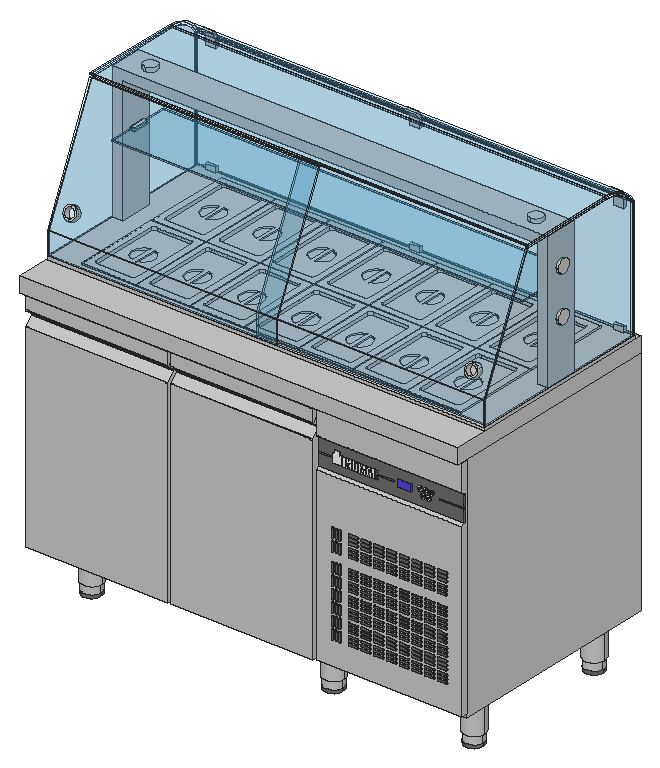
Revit family "QF_INOMAK_ZQFP99_250529104924", category Specialty Equipment, Revit 2021 (continued)
Definition of nested family "QF_INOMAK_REF_COUNTERS_1360_2920"
  Definition of nested family "QF_INOMAK_CONRTOL-PANEL"
    Forms (mm)
      Extrusion 1, solid
        sketch origin (-2240, -700, 0) x (-1, 0, 0) y (0, 0, 1)
          loop
            arc (-2167.4, 215.855) -> (-2164.4, 218.855) -> (-2167.4, 221.855) r 3
            line (-2167.4, 221.855) -> (-2191.4, 221.855)
          loop
            arc (-2152.4, 221.855) -> (-2155.4, 218.855) -> (-2152.4, 215.855) r 3
            line (-2152.4, 215.855) -> (-2128.4, 215.855)
            arc (-2128.4, 215.855) -> (-2125.4, 218.855) -> (-2128.4, 221.855) r 3
            line (-2128.4, 221.855) -> (-2152.4, 221.855)
          loop
            arc (-2113.4, 221.855) -> (-2116.4, 218.855) -> (-2113.4, 215.855) r 3
            line (-2113.4, 215.855) -> (-2089.4, 215.855)
            arc (-2089.4, 215.855) -> (-2086.4, 218.855) -> (-2089.4, 221.855) r 3
            line (-2089.4, 221.855) -> (-2113.4, 221.855)
          loop
            arc (-2074.4, 221.855) -> (-2077.4, 218.855) -> (-2074.4, 215.855) r 3
            line (-2074.4, 215.855) -> (-2050.4, 215.855)
            arc (-2050.4, 215.855) -> (-2047.4, 218.855) -> (-2050.4, 221.855) r 3
            line (-2050.4, 221.855) -> (-2074.4, 221.855)
          loop
            arc (-2035.4, 221.855) -> (-2038.4, 218.855) -> (-2035.4, 215.855) r 3
            line (-2035.4, 215.855) -> (-2011.4, 215.855)
            arc (-2011.4, 215.855) -> (-2008.4, 218.855) -> (-2011.4, 221.855) r 3
            line (-2011.4, 221.855) -> (-2035.4, 221.855)
          loop
            arc (-1996.4, 221.855) -> (-1999.4, 218.855) -> (-1996.4, 215.855) r 3
            line (-1996.4, 215.855) -> (-1972.4, 215.855)
            arc (-1972.4, 215.855) -> (-1969.4, 218.855) -> (-1972.4, 221.855) r 3
            line (-1972.4, 221.855) -> (-1996.4, 221.855)
          loop
            arc (-1957.4, 221.855) -> (-1960.4, 218.855) -> (-1957.4, 215.855) r 3
            line (-1957.4, 215.855) -> (-1933.4, 215.855)
            arc (-1933.4, 215.855) -> (-1930.4, 218.855) -> (-1933.4, 221.855) r 3
            line (-1933.4, 221.855) -> (-1957.4, 221.855)
          loop
            arc (-1918.4, 221.855) -> (-1921.4, 218.855) -> (-1918.4, 215.855) r 3
            line (-1918.4, 215.855) -> (-1894.4, 215.855)
            arc (-1894.4, 215.855) -> (-1891.4, 218.855) -> (-1894.4, 221.855) r 3
            line (-1894.4, 221.855) -> (-1918.4, 221.855)
          loop
            arc (-2191.4, 210.855) -> (-2194.4, 207.855) -> (-2191.4, 204.855) r 3
            line (-2191.4, 204.855) -> (-2167.4, 204.855)
            arc (-2167.4, 204.855) -> (-2164.4, 207.855) -> (-2167.4, 210.855) r 3
            line (-2167.4, 210.855) -> (-2191.4, 210.855)
          loop
            arc (-2152.4, 210.855) -> (-2155.4, 207.855) -> (-2152.4, 204.855) r 3
            line (-2152.4, 204.855) -> (-2128.4, 204.855)
            arc (-2128.4, 204.855) -> (-2125.4, 207.855) -> (-2128.4, 210.855) r 3
            line (-2128.4, 210.855) -> (-2152.4, 210.855)
          loop
            arc (-2113.4, 210.855) -> (-2116.4, 207.855) -> (-2113.4, 204.855) r 3
            line (-2113.4, 204.855) -> (-2089.4, 204.855)
            arc (-2089.4, 204.855) -> (-2086.4, 207.855) -> (-2089.4, 210.855) r 3
            line (-2089.4, 210.855) -> (-2113.4, 210.855)
          loop
            arc (-2074.4, 210.855) -> (-2077.4, 207.855) -> (-2074.4, 204.855) r 3
            line (-2074.4, 204.855) -> (-2050.4, 204.855)
            arc (-2050.4, 204.855) -> (-2047.4, 207.855) -> (-2050.4, 210.855) r 3
            line (-2050.4, 210.855) -> (-2074.4, 210.855)
          loop
            arc (-2035.4, 210.855) -> (-2038.4, 207.855) -> (-2035.4, 204.855) r 3
            line (-2035.4, 204.855) -> (-2011.4, 204.855)
            arc (-2011.4, 204.855) -> (-2008.4, 207.855) -> (-2011.4, 210.855) r 3
            line (-2011.4, 210.855) -> (-2035.4, 210.855)
          loop
            arc (-1996.4, 210.855) -> (-1999.4, 207.855) -> (-1996.4, 204.855) r 3
            line (-1996.4, 204.855) -> (-1972.4, 204.855)
            arc (-1972.4, 204.855) -> (-1969.4, 207.855) -> (-1972.4, 210.855) r 3
            line (-1972.4, 210.855) -> (-1996.4, 210.855)
          loop
            arc (-1957.4, 210.855) -> (-1960.4, 207.855) -> (-1957.4, 204.855) r 3
            line (-1957.4, 204.855) -> (-1933.4, 204.855)
            arc (-1933.4, 204.855) -> (-1930.4, 207.855) -> (-1933.4, 210.855) r 3
            line (-1933.4, 210.855) -> (-1957.4, 210.855)
          loop
            arc (-1918.4, 210.855) -> (-1921.4, 207.855) -> (-1918.4, 204.855) r 3
            line (-1918.4, 204.855) -> (-1894.4, 204.855)
            arc (-1894.4, 204.855) -> (-1891.4, 207.855) -> (-1894.4, 210.855) r 3
            line (-1894.4, 210.855) -> (-1918.4, 210.855)
          loop
            arc (-2191.4, 199.855) -> (-2194.4, 196.855) -> (-2191.4, 193.855) r 3
            line (-2191.4, 193.855) -> (-2167.4, 193.855)
            arc (-2167.4, 193.855) -> (-2164.4, 196.855) -> (-2167.4, 199.855) r 3
            line (-2167.4, 199.855) -> (-2191.4, 199.855)
          loop
            arc (-2152.4, 199.855) -> (-2155.4, 196.855) -> (-2152.4, 193.855) r 3
            line (-2152.4, 193.855) -> (-2128.4, 193.855)
            arc (-2128.4, 193.855) -> (-2125.4, 196.855) -> (-2128.4, 199.855) r 3
            line (-2128.4, 199.855) -> (-2152.4, 199.855)
          loop
            arc (-2113.4, 199.855) -> (-2116.4, 196.855) -> (-2113.4, 193.855) r 3
            line (-2113.4, 193.855) -> (-2089.4, 193.855)
            arc (-2089.4, 193.855) -> (-2086.4, 196.855) -> (-2089.4, 199.855) r 3
            line (-2089.4, 199.855) -> (-2113.4, 199.855)
          loop
            arc (-2074.4, 199.855) -> (-2077.4, 196.855) -> (-2074.4, 193.855) r 3
            line (-2074.4, 193.855) -> (-2050.4, 193.855)
            arc (-2050.4, 193.855) -> (-2047.4, 196.855) -> (-2050.4, 199.855) r 3
            line (-2050.4, 199.855) -> (-2074.4, 199.855)
          loop
            arc (-2035.4, 199.855) -> (-2038.4, 196.855) -> (-2035.4, 193.855) r 3
            line (-2035.4, 193.855) -> (-2011.4, 193.855)
            arc (-2011.4, 193.855) -> (-2008.4, 196.855) -> (-2011.4, 199.855) r 3
            line (-2011.4, 199.855) -> (-2035.4, 199.855)
          loop
            arc (-1996.4, 199.855) -> (-1999.4, 196.855) -> (-1996.4, 193.855) r 3
            line (-1996.4, 193.855) -> (-1972.4, 193.855)
            arc (-1972.4, 193.855) -> (-1969.4, 196.855) -> (-1972.4, 199.855) r 3
            line (-1972.4, 199.855) -> (-1996.4, 199.855)
          loop
            arc (-1957.4, 199.855) -> (-1960.4, 196.855) -> (-1957.4, 193.855) r 3
            line (-1957.4, 193.855) -> (-1933.4, 193.855)
            arc (-1933.4, 193.855) -> (-1930.4, 196.855) -> (-1933.4, 199.855) r 3
            line (-1933.4, 199.855) -> (-1957.4, 199.855)
          loop
            arc (-1918.4, 199.855) -> (-1921.4, 196.855) -> (-1918.4, 193.855) r 3
            line (-1918.4, 193.855) -> (-1894.4, 193.855)
            arc (-1894.4, 193.855) -> (-1891.4, 196.855) -> (-1894.4, 199.855) r 3
            line (-1894.4, 199.855) -> (-1918.4, 199.855)
          loop
            arc (-2191.4, 184.855) -> (-2194.4, 181.855) -> (-2191.4, 178.855) r 3
            line (-2191.4, 178.855) -> (-2167.4, 178.855)
            arc (-2167.4, 178.855) -> (-2164.4, 181.855) -> (-2167.4, 184.855) r 3
            line (-2167.4, 184.855) -> (-2191.4, 184.855)
          loop
            arc (-2152.4, 184.855) -> (-2155.4, 181.855) -> (-2152.4, 178.855) r 3
            line (-2152.4, 178.855) -> (-2128.4, 178.855)
            arc (-2128.4, 178.855) -> (-2125.4, 181.855) -> (-2128.4, 184.855) r 3
            line (-2128.4, 184.855) -> (-2152.4, 184.855)
          loop
            arc (-2113.4, 184.855) -> (-2116.4, 181.855) -> (-2113.4, 178.855) r 3
            line (-2113.4, 178.855) -> (-2089.4, 178.855)
            arc (-2089.4, 178.855) -> (-2086.4, 181.855) -> (-2089.4, 184.855) r 3
            line (-2089.4, 184.855) -> (-2113.4, 184.855)
          loop
            arc (-2074.4, 184.855) -> (-2077.4, 181.855) -> (-2074.4, 178.855) r 3
            line (-2074.4, 178.855) -> (-2050.4, 178.855)
            arc (-2050.4, 178.855) -> (-2047.4, 181.855) -> (-2050.4, 184.855) r 3
            line (-2050.4, 184.855) -> (-2074.4, 184.855)
          loop
            arc (-2035.4, 184.855) -> (-2038.4, 181.855) -> (-2035.4, 178.855) r 3
            line (-2035.4, 178.855) -> (-2011.4, 178.855)
            arc (-2011.4, 178.855) -> (-2008.4, 181.855) -> (-2011.4, 184.855) r 3
            line (-2011.4, 184.855) -> (-2035.4, 184.855)
          loop
            arc (-1996.4, 184.855) -> (-1999.4, 181.855) -> (-1996.4, 178.855) r 3
            line (-1996.4, 178.855) -> (-1972.4, 178.855)
            arc (-1972.4, 178.855) -> (-1969.4, 181.855) -> (-1972.4, 184.855) r 3
            line (-1972.4, 184.855) -> (-1996.4, 184.855)
          loop
            arc (-1957.4, 184.855) -> (-1960.4, 181.855) -> (-1957.4, 178.855) r 3
            line (-1957.4, 178.855) -> (-1933.4, 178.855)
            arc (-1933.4, 178.855) -> (-1930.4, 181.855) -> (-1933.4, 184.855) r 3
            line (-1933.4, 184.855) -> (-1957.4, 184.855)
          loop
            arc (-1918.4, 184.855) -> (-1921.4, 181.855) -> (-1918.4, 178.855) r 3
            line (-1918.4, 178.855) -> (-1894.4, 178.855)
            arc (-1894.4, 178.855) -> (-1891.4, 181.855) -> (-1894.4, 184.855) r 3
            line (-1894.4, 184.855) -> (-1918.4, 184.855)
          loop
            arc (-2191.4, 173.855) -> (-2194.4, 170.855) -> (-2191.4, 167.855) r 3
            line (-2191.4, 167.855) -> (-2167.4, 167.855)
            arc (-2167.4, 167.855) -> (-2164.4, 170.855) -> (-2167.4, 173.855) r 3
            line (-2167.4, 173.855) -> (-2191.4, 173.855)
          loop
            arc (-2152.4, 173.855) -> (-2155.4, 170.855) -> (-2152.4, 167.855) r 3
            line (-2152.4, 167.855) -> (-2128.4, 167.855)
            arc (-2128.4, 167.855) -> (-2125.4, 170.855) -> (-2128.4, 173.855) r 3
            line (-2128.4, 173.855) -> (-2152.4, 173.855)
          loop
            arc (-2113.4, 173.855) -> (-2116.4, 170.855) -> (-2113.4, 167.855) r 3
            line (-2113.4, 167.855) -> (-2089.4, 167.855)
            arc (-2089.4, 167.855) -> (-2086.4, 170.855) -> (-2089.4, 173.855) r 3
            line (-2089.4, 173.855) -> (-2113.4, 173.855)
          loop
            arc (-2074.4, 173.855) -> (-2077.4, 170.855) -> (-2074.4, 167.855) r 3
            line (-2074.4, 167.855) -> (-2050.4, 167.855)
            arc (-2050.4, 167.855) -> (-2047.4, 170.855) -> (-2050.4, 173.855) r 3
            line (-2050.4, 173.855) -> (-2074.4, 173.855)
          loop
            arc (-2035.4, 173.855) -> (-2038.4, 170.855) -> (-2035.4, 167.855) r 3
            line (-2035.4, 167.855) -> (-2011.4, 167.855)
            arc (-2011.4, 167.855) -> (-2008.4, 170.855) -> (-2011.4, 173.855) r 3
            line (-2011.4, 173.855) -> (-2035.4, 173.855)
          loop
            arc (-1996.4, 173.855) -> (-1999.4, 170.855) -> (-1996.4, 167.855) r 3
            line (-1996.4, 167.855) -> (-1972.4, 167.855)
            arc (-1972.4, 167.855) -> (-1969.4, 170.855) -> (-1972.4, 173.855) r 3
            line (-1972.4, 173.855) -> (-1996.4, 173.855)
          loop
            arc (-1957.4, 173.855) -> (-1960.4, 170.855) -> (-1957.4, 167.855) r 3
            line (-1957.4, 167.855) -> (-1933.4, 167.855)
            arc (-1933.4, 167.855) -> (-1930.4, 170.855) -> (-1933.4, 173.855) r 3
            line (-1933.4, 173.855) -> (-1957.4, 173.855)
          loop
            arc (-1918.4, 173.855) -> (-1921.4, 170.855) -> (-1918.4, 167.855) r 3
            line (-1918.4, 167.855) -> (-1894.4, 167.855)
            arc (-1894.4, 167.855) -> (-1891.4, 170.855) -> (-1894.4, 173.855) r 3
            line (-1894.4, 173.855) -> (-1918.4, 173.855)
          loop
            arc (-2191.4, 162.855) -> (-2194.4, 159.855) -> (-2191.4, 156.855) r 3
            line (-2191.4, 156.855) -> (-2167.4, 156.855)
            arc (-2167.4, 156.855) -> (-2164.4, 159.855) -> (-2167.4, 162.855) r 3
            line (-2167.4, 162.855) -> (-2191.4, 162.855)
          loop
            arc (-2152.4, 162.855) -> (-2155.4, 159.855) -> (-2152.4, 156.855) r 3
            line (-2152.4, 156.855) -> (-2128.4, 156.855)
            arc (-2128.4, 156.855) -> (-2125.4, 159.855) -> (-2128.4, 162.855) r 3
            line (-2128.4, 162.855) -> (-2152.4, 162.855)
          loop
            arc (-2113.4, 162.855) -> (-2116.4, 159.855) -> (-2113.4, 156.855) r 3
            line (-2113.4, 156.855) -> (-2089.4, 156.855)
            arc (-2089.4, 156.855) -> (-2086.4, 159.855) -> (-2089.4, 162.855) r 3
            line (-2089.4, 162.855) -> (-2113.4, 162.855)
          loop
            arc (-2074.4, 162.855) -> (-2077.4, 159.855) -> (-2074.4, 156.855) r 3
            line (-2074.4, 156.855) -> (-2050.4, 156.855)
            arc (-2050.4, 156.855) -> (-2047.4, 159.855) -> (-2050.4, 162.855) r 3
            line (-2050.4, 162.855) -> (-2074.4, 162.855)
          loop
            arc (-2035.4, 162.855) -> (-2038.4, 159.855) -> (-2035.4, 156.855) r 3
            line (-2035.4, 156.855) -> (-2011.4, 156.855)
            arc (-2011.4, 156.855) -> (-2008.4, 159.855) -> (-2011.4, 162.855) r 3
            line (-2011.4, 162.855) -> (-2035.4, 162.855)
          loop
            arc (-1996.4, 162.855) -> (-1999.4, 159.855) -> (-1996.4, 156.855) r 3
            line (-1996.4, 156.855) -> (-1972.4, 156.855)
            arc (-1972.4, 156.855) -> (-1969.4, 159.855) -> (-1972.4, 162.855) r 3
            line (-1972.4, 162.855) -> (-1996.4, 162.855)
          loop
            arc (-1957.4, 162.855) -> (-1960.4, 159.855) -> (-1957.4, 156.855) r 3
            line (-1957.4, 156.855) -> (-1933.4, 156.855)
            arc (-1933.4, 156.855) -> (-1930.4, 159.855) -> (-1933.4, 162.855) r 3
            line (-1933.4, 162.855) -> (-1957.4, 162.855)
          loop
            arc (-1918.4, 162.855) -> (-1921.4, 159.855) -> (-1918.4, 156.855) r 3
            line (-1918.4, 156.855) -> (-1894.4, 156.855)
            arc (-1894.4, 156.855) -> (-1891.4, 159.855) -> (-1894.4, 162.855) r 3
            line (-1894.4, 162.855) -> (-1918.4, 162.855)
          loop
            arc (-2191.4, 147.855) -> (-2194.4, 144.855) -> (-2191.4, 141.855) r 3
            line (-2191.4, 141.855) -> (-2167.4, 141.855)
            arc (-2167.4, 141.855) -> (-2164.4, 144.855) -> (-2167.4, 147.855) r 3
            line (-2167.4, 147.855) -> (-2191.4, 147.855)
          loop
            arc (-2152.4, 147.855) -> (-2155.4, 144.855) -> (-2152.4, 141.855) r 3
            line (-2152.4, 141.855) -> (-2128.4, 141.855)
            arc (-2128.4, 141.855) -> (-2125.4, 144.855) -> (-2128.4, 147.855) r 3
            line (-2128.4, 147.855) -> (-2152.4, 147.855)
          loop
            arc (-2113.4, 147.855) -> (-2116.4, 144.855) -> (-2113.4, 141.855) r 3
            line (-2113.4, 141.855) -> (-2089.4, 141.855)
            arc (-2089.4, 141.855) -> (-2086.4, 144.855) -> (-2089.4, 147.855) r 3
            line (-2089.4, 147.855) -> (-2113.4, 147.855)
          loop
            arc (-2074.4, 147.855) -> (-2077.4, 144.855) -> (-2074.4, 141.855) r 3
            line (-2074.4, 141.855) -> (-2050.4, 141.855)
            arc (-2050.4, 141.855) -> (-2047.4, 144.855) -> (-2050.4, 147.855) r 3
            line (-2050.4, 147.855) -> (-2074.4, 147.855)
          loop
            arc (-2035.4, 147.855) -> (-2038.4, 144.855) -> (-2035.4, 141.855) r 3
            line (-2035.4, 141.855) -> (-2011.4, 141.855)
            arc (-2011.4, 141.855) -> (-2008.4, 144.855) -> (-2011.4, 147.855) r 3
            line (-2011.4, 147.855) -> (-2035.4, 147.855)
          loop
            arc (-1996.4, 147.855) -> (-1999.4, 144.855) -> (-1996.4, 141.855) r 3
            line (-1996.4, 141.855) -> (-1972.4, 141.855)
            arc (-1972.4, 141.855) -> (-1969.4, 144.855) -> (-1972.4, 147.855) r 3
            line (-1972.4, 147.855) -> (-1996.4, 147.855)
          loop
            arc (-1957.4, 147.855) -> (-1960.4, 144.855) -> (-1957.4, 141.855) r 3
            line (-1957.4, 141.855) -> (-1933.4, 141.855)
            arc (-1933.4, 141.855) -> (-1930.4, 144.855) -> (-1933.4, 147.855) r 3
            line (-1933.4, 147.855) -> (-1957.4, 147.855)
          loop
            arc (-1918.4, 147.855) -> (-1921.4, 144.855) -> (-1918.4, 141.855) r 3
            line (-1918.4, 141.855) -> (-1894.4, 141.855)
            arc (-1894.4, 141.855) -> (-1891.4, 144.855) -> (-1894.4, 147.855) r 3
            line (-1894.4, 147.855) -> (-1918.4, 147.855)
          loop
            arc (-2191.4, 136.855) -> (-2194.4, 133.855) -> (-2191.4, 130.855) r 3
            line (-2191.4, 130.855) -> (-2167.4, 130.855)
            arc (-2167.4, 130.855) -> (-2164.4, 133.855) -> (-2167.4, 136.855) r 3
            line (-2167.4, 136.855) -> (-2191.4, 136.855)
          loop
            arc (-2152.4, 136.855) -> (-2155.4, 133.855) -> (-2152.4, 130.855) r 3
            line (-2152.4, 130.855) -> (-2128.4, 130.855)
            arc (-2128.4, 130.855) -> (-2125.4, 133.855) -> (-2128.4, 136.855) r 3
            line (-2128.4, 136.855) -> (-2152.4, 136.855)
          loop
            arc (-2113.4, 136.855) -> (-2116.4, 133.855) -> (-2113.4, 130.855) r 3
            line (-2113.4, 130.855) -> (-2089.4, 130.855)
            arc (-2089.4, 130.855) -> (-2086.4, 133.855) -> (-2089.4, 136.855) r 3
            line (-2089.4, 136.855) -> (-2113.4, 136.855)
          loop
            arc (-2074.4, 136.855) -> (-2077.4, 133.855) -> (-2074.4, 130.855) r 3
            line (-2074.4, 130.855) -> (-2050.4, 130.855)
            arc (-2050.4, 130.855) -> (-2047.4, 133.855) -> (-2050.4, 136.855) r 3
            line (-2050.4, 136.855) -> (-2074.4, 136.855)
          loop
            arc (-2035.4, 136.855) -> (-2038.4, 133.855) -> (-2035.4, 130.855) r 3
            line (-2035.4, 130.855) -> (-2011.4, 130.855)
            arc (-2011.4, 130.855) -> (-2008.4, 133.855) -> (-2011.4, 136.855) r 3
            line (-2011.4, 136.855) -> (-2035.4, 136.855)
          loop
            arc (-1996.4, 136.855) -> (-1999.4, 133.855) -> (-1996.4, 130.855) r 3
            line (-1996.4, 130.855) -> (-1972.4, 130.855)
            arc (-1972.4, 130.855) -> (-1969.4, 133.855) -> (-1972.4, 136.855) r 3
            line (-1972.4, 136.855) -> (-1996.4, 136.855)
          loop
            arc (-1957.4, 136.855) -> (-1960.4, 133.855) -> (-1957.4, 130.855) r 3
            line (-1957.4, 130.855) -> (-1933.4, 130.855)
            arc (-1933.4, 130.855) -> (-1930.4, 133.855) -> (-1933.4, 136.855) r 3
            line (-1933.4, 136.855) -> (-1957.4, 136.855)
          loop
            arc (-1918.4, 136.855) -> (-1921.4, 133.855) -> (-1918.4, 130.855) r 3
            line (-1918.4, 130.855) -> (-1894.4, 130.855)
            arc (-1894.4, 130.855) -> (-1891.4, 133.855) -> (-1894.4, 136.855) r 3
            line (-1894.4, 136.855) -> (-1918.4, 136.855)
          loop
            arc (-2191.4, 125.855) -> (-2194.4, 122.855) -> (-2191.4, 119.855) r 3
            line (-2191.4, 119.855) -> (-2167.4, 119.855)
            arc (-2167.4, 119.855) -> (-2164.4, 122.855) -> (-2167.4, 125.855) r 3
            line (-2167.4, 125.855) -> (-2191.4, 125.855)
          loop
            arc (-2152.4, 125.855) -> (-2155.4, 122.855) -> (-2152.4, 119.855) r 3
            line (-2152.4, 119.855) -> (-2128.4, 119.855)
            arc (-2128.4, 119.855) -> (-2125.4, 122.855) -> (-2128.4, 125.855) r 3
            line (-2128.4, 125.855) -> (-2152.4, 125.855)
          loop
            arc (-2113.4, 125.855) -> (-2116.4, 122.855) -> (-2113.4, 119.855) r 3
            line (-2113.4, 119.855) -> (-2089.4, 119.855)
            arc (-2089.4, 119.855) -> (-2086.4, 122.855) -> (-2089.4, 125.855) r 3
            line (-2089.4, 125.855) -> (-2113.4, 125.855)
          loop
            arc (-2074.4, 125.855) -> (-2077.4, 122.855) -> (-2074.4, 119.855) r 3
            line (-2074.4, 119.855) -> (-2050.4, 119.855)
            arc (-2050.4, 119.855) -> (-2047.4, 122.855) -> (-2050.4, 125.855) r 3
            line (-2050.4, 125.855) -> (-2074.4, 125.855)
          loop
            arc (-2035.4, 125.855) -> (-2038.4, 122.855) -> (-2035.4, 119.855) r 3
            line (-2035.4, 119.855) -> (-2011.4, 119.855)
            arc (-2011.4, 119.855) -> (-2008.4, 122.855) -> (-2011.4, 125.855) r 3
            line (-2011.4, 125.855) -> (-2035.4, 125.855)
          loop
            arc (-1996.4, 125.855) -> (-1999.4, 122.855) -> (-1996.4, 119.855) r 3
            line (-1996.4, 119.855) -> (-1972.4, 119.855)
            arc (-1972.4, 119.855) -> (-1969.4, 122.855) -> (-1972.4, 125.855) r 3
            line (-1972.4, 125.855) -> (-1996.4, 125.855)
          loop
            arc (-1957.4, 125.855) -> (-1960.4, 122.855) -> (-1957.4, 119.855) r 3
            line (-1957.4, 119.855) -> (-1933.4, 119.855)
            arc (-1933.4, 119.855) -> (-1930.4, 122.855) -> (-1933.4, 125.855) r 3
            line (-1933.4, 125.855) -> (-1957.4, 125.855)
          loop
            arc (-1918.4, 125.855) -> (-1921.4, 122.855) -> (-1918.4, 119.855) r 3
            line (-1918.4, 119.855) -> (-1894.4, 119.855)
            arc (-1894.4, 119.855) -> (-1891.4, 122.855) -> (-1894.4, 125.855) r 3
            line (-1894.4, 125.855) -> (-1918.4, 125.855)
          loop
            arc (-2191.4, 110.855) -> (-2194.4, 107.855) -> (-2191.4, 104.855) r 3
            line (-2191.4, 104.855) -> (-2167.4, 104.855)
            arc (-2167.4, 104.855) -> (-2164.4, 107.855) -> (-2167.4, 110.855) r 3
            line (-2167.4, 110.855) -> (-2191.4, 110.855)
          loop
            arc (-2152.4, 110.855) -> (-2155.4, 107.855) -> (-2152.4, 104.855) r 3
            line (-2152.4, 104.855) -> (-2128.4, 104.855)
            arc (-2128.4, 104.855) -> (-2125.4, 107.855) -> (-2128.4, 110.855) r 3
            line (-2128.4, 110.855) -> (-2152.4, 110.855)
          loop
            arc (-2113.4, 110.855) -> (-2116.4, 107.855) -> (-2113.4, 104.855) r 3
            line (-2113.4, 104.855) -> (-2089.4, 104.855)
            arc (-2089.4, 104.855) -> (-2086.4, 107.855) -> (-2089.4, 110.855) r 3
            line (-2089.4, 110.855) -> (-2113.4, 110.855)
          loop
            arc (-2074.4, 110.855) -> (-2077.4, 107.855) -> (-2074.4, 104.855) r 3
            line (-2074.4, 104.855) -> (-2050.4, 104.855)
            arc (-2050.4, 104.855) -> (-2047.4, 107.855) -> (-2050.4, 110.855) r 3
            line (-2050.4, 110.855) -> (-2074.4, 110.855)
          loop
            arc (-2035.4, 110.855) -> (-2038.4, 107.855) -> (-2035.4, 104.855) r 3
            line (-2035.4, 104.855) -> (-2011.4, 104.855)
            arc (-2011.4, 104.855) -> (-2008.4, 107.855) -> (-2011.4, 110.855) r 3
            line (-2011.4, 110.855) -> (-2035.4, 110.855)
          loop
            arc (-1996.4, 110.855) -> (-1999.4, 107.855) -> (-1996.4, 104.855) r 3
            line (-1996.4, 104.855) -> (-1972.4, 104.855)
            arc (-1972.4, 104.855) -> (-1969.4, 107.855) -> (-1972.4, 110.855) r 3
            line (-1972.4, 110.855) -> (-1996.4, 110.855)
          loop
            arc (-1957.4, 110.855) -> (-1960.4, 107.855) -> (-1957.4, 104.855) r 3
            line (-1957.4, 104.855) -> (-1933.4, 104.855)
            arc (-1933.4, 104.855) -> (-1930.4, 107.855) -> (-1933.4, 110.855) r 3
            line (-1933.4, 110.855) -> (-1957.4, 110.855)
          loop
            arc (-1918.4, 110.855) -> (-1921.4, 107.855) -> (-1918.4, 104.855) r 3
            line (-1918.4, 104.855) -> (-1894.4, 104.855)
            arc (-1894.4, 104.855) -> (-1891.4, 107.855) -> (-1894.4, 110.855) r 3
            line (-1894.4, 110.855) -> (-1918.4, 110.855)
          loop
            arc (-2191.4, 99.855) -> (-2194.4, 96.855) -> (-2191.4, 93.855) r 3
            line (-2191.4, 93.855) -> (-2167.4, 93.855)
            arc (-2167.4, 93.855) -> (-2164.4, 96.855) -> (-2167.4, 99.855) r 3
            line (-2167.4, 99.855) -> (-2191.4, 99.855)
          loop
            arc (-2152.4, 99.855) -> (-2155.4, 96.855) -> (-2152.4, 93.855) r 3
            line (-2152.4, 93.855) -> (-2128.4, 93.855)
            arc (-2128.4, 93.855) -> (-2125.4, 96.855) -> (-2128.4, 99.855) r 3
            line (-2128.4, 99.855) -> (-2152.4, 99.855)
          loop
            arc (-2113.4, 99.855) -> (-2116.4, 96.855) -> (-2113.4, 93.855) r 3
            line (-2113.4, 93.855) -> (-2089.4, 93.855)
            arc (-2089.4, 93.855) -> (-2086.4, 96.855) -> (-2089.4, 99.855) r 3
            line (-2089.4, 99.855) -> (-2113.4, 99.855)
          loop
            arc (-2074.4, 99.855) -> (-2077.4, 96.855) -> (-2074.4, 93.855) r 3
            line (-2074.4, 93.855) -> (-2050.4, 93.855)
            arc (-2050.4, 93.855) -> (-2047.4, 96.855) -> (-2050.4, 99.855) r 3
            line (-2050.4, 99.855) -> (-2074.4, 99.855)
          loop
            arc (-2035.4, 99.855) -> (-2038.4, 96.855) -> (-2035.4, 93.855) r 3
            line (-2035.4, 93.855) -> (-2011.4, 93.855)
            arc (-2011.4, 93.855) -> (-2008.4, 96.855) -> (-2011.4, 99.855) r 3
            line (-2011.4, 99.855) -> (-2035.4, 99.855)
          loop
            arc (-1996.4, 99.855) -> (-1999.4, 96.855) -> (-1996.4, 93.855) r 3
            line (-1996.4, 93.855) -> (-1972.4, 93.855)
            arc (-1972.4, 93.855) -> (-1969.4, 96.855) -> (-1972.4, 99.855) r 3
            line (-1972.4, 99.855) -> (-1996.4, 99.855)
          loop
            arc (-1957.4, 99.855) -> (-1960.4, 96.855) -> (-1957.4, 93.855) r 3
            line (-1957.4, 93.855) -> (-1933.4, 93.855)
            arc (-1933.4, 93.855) -> (-1930.4, 96.855) -> (-1933.4, 99.855) r 3
            line (-1933.4, 99.855) -> (-1957.4, 99.855)
          loop
            arc (-1918.4, 99.855) -> (-1921.4, 96.855) -> (-1918.4, 93.855) r 3
            line (-1918.4, 93.855) -> (-1894.4, 93.855)
            arc (-1894.4, 93.855) -> (-1891.4, 96.855) -> (-1894.4, 99.855) r 3
            line (-1894.4, 99.855) -> (-1918.4, 99.855)
          loop
            arc (-2191.4, 88.855) -> (-2194.4, 85.855) -> (-2191.4, 82.855) r 3
            line (-2191.4, 82.855) -> (-2167.4, 82.855)
            arc (-2167.4, 82.855) -> (-2164.4, 85.855) -> (-2167.4, 88.855) r 3
            line (-2167.4, 88.855) -> (-2191.4, 88.855)
          loop
            arc (-2152.4, 88.855) -> (-2155.4, 85.855) -> (-2152.4, 82.855) r 3
            line (-2152.4, 82.855) -> (-2128.4, 82.855)
            arc (-2128.4, 82.855) -> (-2125.4, 85.855) -> (-2128.4, 88.855) r 3
            line (-2128.4, 88.855) -> (-2152.4, 88.855)
          loop
            arc (-2113.4, 88.855) -> (-2116.4, 85.855) -> (-2113.4, 82.855) r 3
            line (-2113.4, 82.855) -> (-2089.4, 82.855)
            arc (-2089.4, 82.855) -> (-2086.4, 85.855) -> (-2089.4, 88.855) r 3
            line (-2089.4, 88.855) -> (-2113.4, 88.855)
          loop
            arc (-2074.4, 88.855) -> (-2077.4, 85.855) -> (-2074.4, 82.855) r 3
            line (-2074.4, 82.855) -> (-2050.4, 82.855)
            arc (-2050.4, 82.855) -> (-2047.4, 85.855) -> (-2050.4, 88.855) r 3
            line (-2050.4, 88.855) -> (-2074.4, 88.855)
          loop
            arc (-2035.4, 88.855) -> (-2038.4, 85.855) -> (-2035.4, 82.855) r 3
            line (-2035.4, 82.855) -> (-2011.4, 82.855)
            arc (-2011.4, 82.855) -> (-2008.4, 85.855) -> (-2011.4, 88.855) r 3
            line (-2011.4, 88.855) -> (-2035.4, 88.855)
          loop
            arc (-1996.4, 88.855) -> (-1999.4, 85.855) -> (-1996.4, 82.855) r 3
            line (-1996.4, 82.855) -> (-1972.4, 82.855)
            arc (-1972.4, 82.855) -> (-1969.4, 85.855) -> (-1972.4, 88.855) r 3
            line (-1972.4, 88.855) -> (-1996.4, 88.855)
          loop
            arc (-1957.4, 88.855) -> (-1960.4, 85.855) -> (-1957.4, 82.855) r 3
            line (-1957.4, 82.855) -> (-1933.4, 82.855)
            arc (-1933.4, 82.855) -> (-1930.4, 85.855) -> (-1933.4, 88.855) r 3
            line (-1933.4, 88.855) -> (-1957.4, 88.855)
          loop
            arc (-1918.4, 88.855) -> (-1921.4, 85.855) -> (-1918.4, 82.855) r 3
            line (-1918.4, 82.855) -> (-1894.4, 82.855)
            arc (-1894.4, 82.855) -> (-1891.4, 85.855) -> (-1894.4, 88.855) r 3
            line (-1894.4, 88.855) -> (-1918.4, 88.855)
          loop
            arc (-1840.4, 387.855) -> (-1843.4, 390.855) -> (-1846.4, 387.855) r 3
            line (-1846.4, 387.855) -> (-1846.4, 363.855)
            arc (-1846.4, 363.855) -> (-1843.4, 360.855) -> (-1840.4, 363.855) r 3
            line (-1840.4, 363.855) -> (-1840.4, 387.855)
          loop
            arc (-1851.4, 387.855) -> (-1854.4, 390.855) -> (-1857.4, 387.855) r 3
            line (-1857.4, 387.855) -> (-1857.4, 363.855)
            arc (-1857.4, 363.855) -> (-1854.4, 360.855) -> (-1851.4, 363.855) r 3
            line (-1851.4, 363.855) -> (-1851.4, 387.855)
          loop
            arc (-1862.4, 387.855) -> (-1865.4, 390.855) -> (-1868.4, 387.855) r 3
            line (-1868.4, 387.855) -> (-1868.4, 363.855)
            arc (-1868.4, 363.855) -> (-1865.4, 360.855) -> (-1862.4, 363.855) r 3
            line (-1862.4, 363.855) -> (-1862.4, 387.855)
          loop
            arc (-1840.4, 350.855) -> (-1843.4, 353.855) -> (-1846.4, 350.855) r 3
            line (-1846.4, 350.855) -> (-1846.4, 326.855)
            arc (-1846.4, 326.855) -> (-1843.4, 323.855) -> (-1840.4, 326.855) r 3
            line (-1840.4, 326.855) -> (-1840.4, 350.855)
          loop
            arc (-1851.4, 350.855) -> (-1854.4, 353.855) -> (-1857.4, 350.855) r 3
            line (-1857.4, 350.855) -> (-1857.4, 326.855)
            arc (-1857.4, 326.855) -> (-1854.4, 323.855) -> (-1851.4, 326.855) r 3
            line (-1851.4, 326.855) -> (-1851.4, 350.855)
          loop
            arc (-1862.4, 350.855) -> (-1865.4, 353.855) -> (-1868.4, 350.855) r 3
            line (-1868.4, 350.855) -> (-1868.4, 326.855)
            arc (-1868.4, 326.855) -> (-1865.4, 323.855) -> (-1862.4, 326.855) r 3
            line (-1862.4, 326.855) -> (-1862.4, 350.855)
          loop
            arc (-1840.4, 293.855) -> (-1843.4, 296.855) -> (-1846.4, 293.855) r 3
            line (-1846.4, 293.855) -> (-1846.4, 269.855)
            arc (-1846.4, 269.855) -> (-1843.4, 266.855) -> (-1840.4, 269.855) r 3
            line (-1840.4, 269.855) -> (-1840.4, 293.855)
          loop
            arc (-1851.4, 293.855) -> (-1854.4, 296.855) -> (-1857.4, 293.855) r 3
            line (-1857.4, 293.855) -> (-1857.4, 269.855)
            arc (-1857.4, 269.855) -> (-1854.4, 266.855) -> (-1851.4, 269.855) r 3
            line (-1851.4, 269.855) -> (-1851.4, 293.855)
          loop
            arc (-1862.4, 293.855) -> (-1865.4, 296.855) -> (-1868.4, 293.855) r 3
            line (-1868.4, 293.855) -> (-1868.4, 269.855)
            arc (-1868.4, 269.855) -> (-1865.4, 266.855) -> (-1862.4, 269.855) r 3
            line (-1862.4, 269.855) -> (-1862.4, 293.855)
          loop
            arc (-1840.4, 256.855) -> (-1843.4, 259.855) -> (-1846.4, 256.855) r 3
            line (-1846.4, 256.855) -> (-1846.4, 232.855)
            arc (-1846.4, 232.855) -> (-1843.4, 229.855) -> (-1840.4, 232.855) r 3
            line (-1840.4, 232.855) -> (-1840.4, 256.855)
          loop
            arc (-1851.4, 256.855) -> (-1854.4, 259.855) -> (-1857.4, 256.855) r 3
            line (-1857.4, 256.855) -> (-1857.4, 232.855)
            arc (-1857.4, 232.855) -> (-1854.4, 229.855) -> (-1851.4, 232.855) r 3
            line (-1851.4, 232.855) -> (-1851.4, 256.855)
          loop
            arc (-1862.4, 256.855) -> (-1865.4, 259.855) -> (-1868.4, 256.855) r 3
            line (-1868.4, 256.855) -> (-1868.4, 232.855)
            arc (-1868.4, 232.855) -> (-1865.4, 229.855) -> (-1862.4, 232.855) r 3
            line (-1862.4, 232.855) -> (-1862.4, 256.855)
          loop
            arc (-1840.4, 219.855) -> (-1843.4, 222.855) -> (-1846.4, 219.855) r 3
            line (-1846.4, 219.855) -> (-1846.4, 195.855)
            arc (-1846.4, 195.855) -> (-1843.4, 192.855) -> (-1840.4, 195.855) r 3
            line (-1840.4, 195.855) -> (-1840.4, 219.855)
          loop
            arc (-1851.4, 219.855) -> (-1854.4, 222.855) -> (-1857.4, 219.855) r 3
            line (-1857.4, 219.855) -> (-1857.4, 195.855)
            arc (-1857.4, 195.855) -> (-1854.4, 192.855) -> (-1851.4, 195.855) r 3
            line (-1851.4, 195.855) -> (-1851.4, 219.855)
          loop
            arc (-1862.4, 219.855) -> (-1865.4, 222.855) -> (-1868.4, 219.855) r 3
            line (-1868.4, 219.855) -> (-1868.4, 195.855)
            arc (-1868.4, 195.855) -> (-1865.4, 192.855) -> (-1862.4, 195.855) r 3
            line (-1862.4, 195.855) -> (-1862.4, 219.855)
          loop
            arc (-1840.4, 182.855) -> (-1843.4, 185.855) -> (-1846.4, 182.855) r 3
            line (-1846.4, 182.855) -> (-1846.4, 158.855)
            arc (-1846.4, 158.855) -> (-1843.4, 155.855) -> (-1840.4, 158.855) r 3
            line (-1840.4, 158.855) -> (-1840.4, 182.855)
          loop
            arc (-1851.4, 182.855) -> (-1854.4, 185.855) -> (-1857.4, 182.855) r 3
            line (-1857.4, 182.855) -> (-1857.4, 158.855)
            arc (-1857.4, 158.855) -> (-1854.4, 155.855) -> (-1851.4, 158.855) r 3
            line (-1851.4, 158.855) -> (-1851.4, 182.855)
          loop
            arc (-1862.4, 182.855) -> (-1865.4, 185.855) -> (-1868.4, 182.855) r 3
            line (-1868.4, 182.855) -> (-1868.4, 158.855)
            arc (-1868.4, 158.855) -> (-1865.4, 155.855) -> (-1862.4, 158.855) r 3
            line (-1862.4, 158.855) -> (-1862.4, 182.855)
          loop
            arc (-1840.4, 145.855) -> (-1843.4, 148.855) -> (-1846.4, 145.855) r 3
            line (-1846.4, 145.855) -> (-1846.4, 121.855)
            arc (-1846.4, 121.855) -> (-1843.4, 118.855) -> (-1840.4, 121.855) r 3
            line (-1840.4, 121.855) -> (-1840.4, 145.855)
          loop
            arc (-1851.4, 145.855) -> (-1854.4, 148.855) -> (-1857.4, 145.855) r 3
            line (-1857.4, 145.855) -> (-1857.4, 121.855)
            arc (-1857.4, 121.855) -> (-1854.4, 118.855) -> (-1851.4, 121.855) r 3
            line (-1851.4, 121.855) -> (-1851.4, 145.855)
          loop
            arc (-1862.4, 145.855) -> (-1865.4, 148.855) -> (-1868.4, 145.855) r 3
            line (-1868.4, 145.855) -> (-1868.4, 121.855)
            arc (-1868.4, 121.855) -> (-1865.4, 118.855) -> (-1862.4, 121.855) r 3
            line (-1862.4, 121.855) -> (-1862.4, 145.855)
          loop
            arc (-1840.4, 108.855) -> (-1843.4, 111.855) -> (-1846.4, 108.855) r 3
            line (-1846.4, 108.855) -> (-1846.4, 84.855)
            arc (-1846.4, 84.855) -> (-1843.4, 81.855) -> (-1840.4, 84.855) r 3
            line (-1840.4, 84.855) -> (-1840.4, 108.855)
          loop
            arc (-1851.4, 108.855) -> (-1854.4, 111.855) -> (-1857.4, 108.855) r 3
            line (-1857.4, 108.855) -> (-1857.4, 84.855)
            arc (-1857.4, 84.855) -> (-1854.4, 81.855) -> (-1851.4, 84.855) r 3
            line (-1851.4, 84.855) -> (-1851.4, 108.855)
          loop
            arc (-1862.4, 108.855) -> (-1865.4, 111.855) -> (-1868.4, 108.855) r 3
            line (-1868.4, 108.855) -> (-1868.4, 84.855)
            arc (-1868.4, 84.855) -> (-1865.4, 81.855) -> (-1862.4, 84.855) r 3
            line (-1862.4, 84.855) -> (-1862.4, 108.855)
        from 16.5 to 19
    Dimensions and locks
      "Length": plane 3 "Left" to plane 4 "Right"
      "Depth": plane 5 "Front" to plane 1 "Back"
      "Front offset": plane 7 "Front offset" to plane 5 "Front"
      "Height": plane 6 "Top" to plane 2
      aligned and locked: level to plane 2
    Automatic sketch dimensions
      plane 4 "Right" to Extrusion 1 sketch curve = 48.6 mm  (x3)
      Extrusion 1 sketch curve to Extrusion 1 sketch curve = 0 mm  (x322)
      Extrusion 1 sketch curve to Extrusion 1 sketch curve = 24 mm  (x53)
      Extrusion 1 sketch curve to Extrusion 1 sketch curve = 15 mm  (x52)
      Extrusion 1 sketch curve to Extrusion 1 sketch curve = 26 mm  (x7)
      Extrusion 1 sketch curve to Extrusion 1 sketch curve = 3 mm  (x216)
      Extrusion 1 sketch curve to Extrusion 1 sketch curve = 5 mm  (x144)
      level to Extrusion 1 sketch curve = 82.855 mm  (x2)
      Extrusion 1 sketch curve to Extrusion 1 sketch curve = 2 mm
      Extrusion 1 sketch curve to Extrusion 1 sketch curve = 9 mm  (x48)
      Extrusion 1 sketch curve to Extrusion 1 sketch curve = 13 mm  (x9)
      Extrusion 1 sketch curve to Extrusion 1 sketch curve = 29 mm  (x6)
      Extrusion 1 sketch curve to Extrusion 1 sketch curve = 33 mm
Definition of nested family "QF_INOMAK_REF_WORKTOPS_WTVF_1360_7072"
  Parameters (values of type "WTVF-1360-700")
    Worktop thickness [instance] = 46 mm
    Weight [instance] = 0.00 kg
    Warranty Start Date [instance] = ""
    Warranty Duration [instance] = ""
    URL Cutsheet [instance] = ""
    URL = "www.inomak.com"
    Technical Documentation [instance] = ""
    Tag Number [instance] = ""
    Status [instance] = ""
    Specification by User [instance] = ""
    Specification by Manufacturer [instance] = ""
    Sound Level [instance] = ""
    Solid Fuel Type [instance] = ""
    Show Logo [instance] = yes
    Show Clearances [instance] = yes
    Service Life Duration [instance] = ""
    Serial Number [instance] = ""
    Seismic Rating [instance] = ""
    SMACNA No [instance] = ""
    Revision Code [instance] = ""
    Revision [instance] = ""
    Production Year [instance] = ""
    Point Load [instance] = 0
    Other Equipment Approvals [instance] = ""
    NAFEM Spec ID Number [instance] = ""
    Model Warning [instance] = ""
    Model = "WTVF"
    Masterspec [instance] = ""
    Manufacturer = "INOMAK"
    Length Actual [instance] = 1342 mm
    Item Number [instance] = ""
    Installed By [instance] = ""
    Installation Date [instance] = ""
    Identify Quantity as Lot [instance] = yes
    ID [instance] = ""
    Hygiene Approval [instance] = ""
    Height Actual [instance] = 0 mm
    Height AFF [instance] = 0 mm
    Furnished By [instance] = ""
    Foodservice Equipment Identifier [instance] = yes
    Finish [instance] = none
    ETL Approved [instance] = yes
    Description = "WORKTOP WITH FULL LENGTH VITRINE"
    Depth Actual [instance] = 700 mm
    Default Elevation = 0 mm
    CSI MasterFormat [instance] = ""
    CE Approved [instance] = yes
    Barcode [instance] = ""
    Author [instance] = ""
    Asset Identifier [instance] = ""
    Assembly Code = "E1090320"
    Accessory [instance] = yes
  Types (2, lengths in mm): name | Model | Description | Depth Actual
    WTVF-1360-700 | "WTVF" | "WORKTOP WITH FULL LENGTH VITRINE" | 700
    WTVF-1360-700-80 | "WTVF-80" | "WORKTOP WITH FULL LENGTH VITRINE, 80CM DEEP WORKTOP" | 800
  Reference planes
    plane 1 "Back": y = 0
    plane 2: z = 0
    plane 3 "Left": x = 0
    plane 4 "Right": x = 1342
    plane 5 "Front": y = -700
    plane 6 "Top": z = 46
    plane 7 "Worktop bottom": z = 0
    plane 8: y = -596
  Forms (mm)
    Extrusion 1, solid, material <- "Finish"
      sketch origin (0, 0, 0) x (0, 1, 0) y (0, 0, 1)
        loop
          line (0, 46) -> (-700, 46) -> (-700, 0) -> (0, 0) -> (0, 46)
      from 0 to 1342
    Extrusion 2, solid
      sketch origin (0, 0, 0) x (0, 1, 0) y (0, 0, 1)
        loop
          line (-20, 56) -> (-20, 421.94) -> (-25, 421.94) -> (-25, 56) -> (-20, 56)
      from 0 to 1342
    Extrusion 3, solid
      sketch origin (0, 0, -853) x (0, 1, 0) y (0, 0, 1)
        loop
          line (-596, 909) -> (-30, 909) -> (-30, 1276.94)
          arc (-30, 1276.94) -> (-72.588, 1315.179) -> (-128.129, 1329) r 118.514
          line (-128.129, 1329) -> (-432.792, 1329) -> (-596, 979) -> (-596, 909)
      from 0 to 5
    Extrusion 4, solid
      sketch origin (0, 0, 0) x (0, 1, 0) y (0, 0, 1)
        loop
          arc (-20, 426.94) -> (-66.526, 470.273) -> (-128.129, 486) r 128.514
          line (-128.129, 486) -> (-432.8, 486) -> (-432.8, 481) -> (-128.129, 481)
          arc (-128.129, 481) -> (-70.349, 466.652) -> (-25.993, 426.94) r 123.514
          line (-25.993, 426.94) -> (-20, 426.94)
      from 0 to 1342
    Extrusion 5, solid
      sketch origin (0, 1874.578, 46) x (0, 1, 0) y (-1, 0, 0)
        loop
          line (-1894.578, 0) -> (-2470.578, 0) -> (-2470.578, -1342) -> (-1894.578, -1342) -> (-1894.578, 0)
        loop
          line (-1914.578, -90) -> (-2450.578, -90) -> (-2450.578, -1252) -> (-1914.578, -1252) -> (-1914.578, -90)
      from 0 to 10
    Extrusion 6, solid
      sketch origin (1342, -2300.77, 3147) x (0, -1, 0) y (0, 0, 1)
        loop
          line (-1704.77, -3091) -> (-1704.77, -3021) -> (-1867.977, -2671) -> (-2172.64, -2671)
          arc (-2172.64, -2671) -> (-2228.182, -2684.821) -> (-2270.77, -2723.06) r 118.514
          line (-2270.77, -2723.06) -> (-2270.77, -3091) -> (-1704.77, -3091)
      from 0 to 5
    Extrusion 7, solid
      sketch origin (789.276, 0, -853) x (0, -1, 0) y (0, 0, 1)
        loop
          line (596, 979) -> (432.792, 1329) -> (427.275, 1329) -> (591, 977.892) -> (591, 909) -> (596, 909) -> (596, 979)
      from 86.776 to 784.276
    Extrusion 8, solid
      sketch origin (-17.276, 0, -853) x (0, -1, 0) y (0, 0, -1)
        loop
          line (591, -909) -> (586, -909) -> (586, -976.783) -> (421.759, -1329) -> (427.275, -1329) -> (591, -977.892) -> (591, -909)
      from 656.776 to 1354.276
    Extrusion 9, void
      sketch origin (789.276, -596, 126) x (0, -0.422618, -0.906308) y (-1, 0, 0)
        loop
          circle (-59.994, 736.477) r 20
      from -12.606 to 25.583
    Extrusion 10, solid
      sketch origin (789.276, -596, 126) x (0, 0.422618, 0.906308) y (-1, 0, 0)
        loop
          circle (59.994, 736.477) r 15
        loop
          circle (59.994, 736.477) r 20
      from -10 to 5
    Extrusion 11, solid
      sketch origin (-26.276, -591, 124.892) x (0, 0.422618, 0.906308) y (-1, 0, 0)
        loop
          circle (58.886, -1306.477) r 15
        loop
          circle (58.886, -1306.477) r 20
      from -10 to 5
    Extrusion 12, void
      sketch origin (-26.276, -591, 124.892) x (0, -0.422618, -0.906308) y (-1, 0, 0)
        loop
          circle (-58.886, -1306.477) r 20
      from -17.606 to 20.583
    Extrusion 13, solid
      sketch origin (60, 0, -853) x (0, -1, 0) y (0, 0, 1)
        loop
          line (18, 1280.525) -> (18, 1249.94) -> (27, 1249.94) -> (27, 1277.854)
          arc (27, 1277.854) -> (33.636, 1286.884) -> (41.076, 1295.265) r 121.514
          line (41.076, 1295.265) -> (34.712, 1301.629)
          arc (34.712, 1301.629) -> (25.81, 1291.509) -> (18, 1280.525) r 130.514
      from 0 to 30
    Extrusion 14, solid
      sketch origin (686, 0, -853) x (0, -1, 0) y (0, 0, 1)
        loop
          line (18, 1280.525) -> (18, 1249.94) -> (27, 1249.94) -> (27, 1277.854)
          arc (27, 1277.854) -> (33.636, 1286.884) -> (41.076, 1295.265) r 121.514
          line (41.076, 1295.265) -> (34.712, 1301.629)
          arc (34.712, 1301.629) -> (25.81, 1291.509) -> (18, 1280.525) r 130.514
      from 0 to 30
    Extrusion 15, solid
      sketch origin (790, 0, -853) x (0, -1, 0) y (0, 0, 1)
        loop
          line (18, 899) -> (27, 899) -> (27, 924) -> (18, 924) -> (18, 899)
      from 730 to 760
    Extrusion 16, solid
      sketch origin (1416, 0, -853) x (0, -1, 0) y (0, 0, 1)
        loop
          line (18, 899) -> (27, 899) -> (27, 924) -> (18, 924) -> (18, 899)
      from 730 to 760
    Extrusion 17, solid
      sketch origin (0, -695.221, -853) x (-1, 0, 0) y (0, 0, 1)
        loop
          line (-5, 909) -> (-5, 1324) -> (-1337, 1324) -> (-1337, 909) -> (-1307, 909) -> (-1307, 1294) -> (-35, 1294) -> (-35, 909) -> (-5, 909)
      from 345.221 to 445.221
    Extrusion 18, solid
      sketch origin (790, 0, -853) x (0, -1, 0) y (0, 0, 1)
        loop
          circle (300, 1224) r 20
      from 785 to 795
    Extrusion 19, solid
      sketch origin (790, 0, 1457) x (0, -1, 0) y (0, 0, 1)
        loop
          circle (300, -1226) r 20
      from 785 to 795
    Extrusion 20, solid
      sketch origin (552, 0, -853) x (0, -1, 0) y (0, 0, -1)
        loop
          circle (300, -1224) r 20
      from 785 to 795
    Extrusion 21, solid
      sketch origin (552, 0, 1457) x (0, -1, 0) y (0, 0, -1)
        loop
          circle (300, 1226) r 20
      from 785 to 795
    Extrusion 22, solid
      sketch origin (0, 1874.578, 46) x (0, 1, 0) y (-1, 0, 0)
        loop
          circle (-2174.578, -80) r 20
      from 425 to 435
    Extrusion 23, solid
      sketch origin (-18, 1874.578, 46) x (0, 1, 0) y (-1, 0, 0)
        loop
          circle (-2174.578, -1280) r 20
      from 425 to 435
    Extrusion 24, solid
      sketch origin (790, 0, -853) x (0, -1, 0) y (0, 0, 1)
        loop
          line (400, 1156.5) -> (200, 1156.5) -> (200, 1151.5) -> (400, 1151.5) -> (400, 1156.5)
      from -512 to 750
    Extrusion 25, solid
      sketch origin (0, -675, -853) x (-1, 0, 0) y (0, 0, 1)
        loop
          line (-35, 1149.5) -> (-35, 1158.5) -> (-50, 1158.5) -> (-50, 1156.5) -> (-37, 1156.5) -> (-37, 1151.5) -> (-50, 1151.5) -> (-50, 1149.5) -> (-35, 1149.5)
      from 350 to 400
    Extrusion 26, solid
      sketch origin (772, -675, -853) x (1, 0, 0) y (0, 0, -1)
        loop
          line (535, -1149.5) -> (520, -1149.5) -> (520, -1151.5) -> (533, -1151.5) -> (533, -1156.5) -> (520, -1156.5) -> (520, -1158.5) -> (535, -1158.5) -> (535, -1149.5)
      from 350 to 400
    Extrusion 27, solid
      sketch origin (-9, 1874.578, 46) x (0, 1, 0) y (-1, 0, 0)
        loop
          arc (-2152.578, -119) -> (-2159.649, -121.929) -> (-2162.578, -129) r 10
          line (-2162.578, -129) -> (-2162.578, -235)
          arc (-2162.578, -235) -> (-2159.649, -242.071) -> (-2152.578, -245) r 10
          line (-2152.578, -245) -> (-1944.578, -245)
          arc (-1944.578, -245) -> (-1937.507, -242.071) -> (-1934.578, -235) r 10
          line (-1934.578, -235) -> (-1934.578, -129)
          arc (-1934.578, -129) -> (-1937.507, -121.929) -> (-1944.578, -119) r 10
          line (-1944.578, -119) -> (-2152.578, -119)
        loop
          arc (-2014.937, -177) -> (-2049.578, -147) -> (-2084.219, -177) r 35
          line (-2084.219, -177) -> (-2014.937, -177)
        loop
          line (-2014.937, -187) -> (-2084.219, -187)
          arc (-2084.219, -187) -> (-2049.578, -217) -> (-2014.937, -187) r 35
      from 2 to 5
    Extrusion 28, solid
      sketch origin (-4.5, 1874.578, 46) x (0, 1, 0) y (-1, 0, 0)
        loop
          line (-1914.578, -94.5) -> (-2450.578, -94.5) -> (-2450.578, -1256.5) -> (-1914.578, -1256.5) -> (-1914.578, -94.5)
      from 0 to 2
    Extrusion 29, solid
      sketch origin (-9, 1874.578, 46) x (0, 1, 0) y (-1, 0, 0)
        loop
          line (-1914.578, -99) -> (-2182.578, -99) -> (-2182.578, -265) -> (-1914.578, -265) -> (-1914.578, -99)
        loop
          arc (-1934.578, -129) -> (-1937.507, -121.929) -> (-1944.578, -119) r 10
          line (-1944.578, -119) -> (-2152.578, -119)
          arc (-2152.578, -119) -> (-2159.649, -121.929) -> (-2162.578, -129) r 10
          line (-2162.578, -129) -> (-2162.578, -235)
          arc (-2162.578, -235) -> (-2159.649, -242.071) -> (-2152.578, -245) r 10
          line (-2152.578, -245) -> (-1944.578, -245)
          arc (-1944.578, -245) -> (-1937.507, -242.071) -> (-1934.578, -235) r 10
          line (-1934.578, -235) -> (-1934.578, -129)
      from 0 to 13
    Extrusion 30, solid
      sketch origin (-9, 1874.578, 46) x (0, 1, 0) y (-1, 0, 0)
        loop
          arc (-2152.578, -285) -> (-2159.649, -287.929) -> (-2162.578, -295) r 10
          line (-2162.578, -295) -> (-2162.578, -401)
          arc (-2162.578, -401) -> (-2159.649, -408.071) -> (-2152.578, -411) r 10
          line (-2152.578, -411) -> (-1944.578, -411)
          arc (-1944.578, -411) -> (-1937.507, -408.071) -> (-1934.578, -401) r 10
          line (-1934.578, -401) -> (-1934.578, -295)
          arc (-1934.578, -295) -> (-1937.507, -287.929) -> (-1944.578, -285) r 10
          line (-1944.578, -285) -> (-2152.578, -285)
        loop
          arc (-2014.937, -343) -> (-2049.578, -313) -> (-2084.219, -343) r 35
          line (-2084.219, -343) -> (-2014.937, -343)
        loop
          line (-2014.937, -353) -> (-2084.219, -353)
          arc (-2084.219, -353) -> (-2049.578, -383) -> (-2014.937, -353) r 35
      from 2 to 5
    Extrusion 31, solid
      sketch origin (-9, 1874.578, 46) x (0, 1, 0) y (-1, 0, 0)
        loop
          line (-1914.578, -265) -> (-2182.578, -265) -> (-2182.578, -431) -> (-1914.578, -431) -> (-1914.578, -265)
        loop
          arc (-1934.578, -295) -> (-1937.507, -287.929) -> (-1944.578, -285) r 10
          line (-1944.578, -285) -> (-2152.578, -285)
          arc (-2152.578, -285) -> (-2159.649, -287.929) -> (-2162.578, -295) r 10
          line (-2162.578, -295) -> (-2162.578, -401)
          arc (-2162.578, -401) -> (-2159.649, -408.071) -> (-2152.578, -411) r 10
          line (-2152.578, -411) -> (-1944.578, -411)
          arc (-1944.578, -411) -> (-1937.507, -408.071) -> (-1934.578, -401) r 10
          line (-1934.578, -401) -> (-1934.578, -295)
      from 0 to 13
    Extrusion 32, solid
      sketch origin (0, 1874.578, 46) x (0, 1, 0) y (-1, 0, 0)
        loop
          arc (-2152.578, -774) -> (-2159.649, -776.929) -> (-2162.578, -784) r 10
          line (-2162.578, -784) -> (-2162.578, -890)
          arc (-2162.578, -890) -> (-2159.649, -897.071) -> (-2152.578, -900) r 10
          line (-2152.578, -900) -> (-1944.578, -900)
          arc (-1944.578, -900) -> (-1937.507, -897.071) -> (-1934.578, -890) r 10
          line (-1934.578, -890) -> (-1934.578, -784)
          arc (-1934.578, -784) -> (-1937.507, -776.929) -> (-1944.578, -774) r 10
          line (-1944.578, -774) -> (-2152.578, -774)
        loop
          arc (-2014.937, -832) -> (-2049.578, -802) -> (-2084.219, -832) r 35
          line (-2084.219, -832) -> (-2014.937, -832)
        loop
          line (-2014.937, -842) -> (-2084.219, -842)
          arc (-2084.219, -842) -> (-2049.578, -872) -> (-2014.937, -842) r 35
      from 2 to 5
    Extrusion 33, solid
      sketch origin (0, 1874.578, 46) x (0, 1, 0) y (-1, 0, 0)
        loop
          line (-1914.578, -754) -> (-2182.578, -754) -> (-2182.578, -920) -> (-1914.578, -920) -> (-1914.578, -754)
        loop
          arc (-1934.578, -784) -> (-1937.507, -776.929) -> (-1944.578, -774) r 10
          line (-1944.578, -774) -> (-2152.578, -774)
          arc (-2152.578, -774) -> (-2159.649, -776.929) -> (-2162.578, -784) r 10
          line (-2162.578, -784) -> (-2162.578, -890)
          arc (-2162.578, -890) -> (-2159.649, -897.071) -> (-2152.578, -900) r 10
          line (-2152.578, -900) -> (-1944.578, -900)
          arc (-1944.578, -900) -> (-1937.507, -897.071) -> (-1934.578, -890) r 10
          line (-1934.578, -890) -> (-1934.578, -784)
      from 0 to 13
    Extrusion 34, solid
      sketch origin (0, 1874.578, 46) x (0, 1, 0) y (-1, 0, 0)
        loop
          arc (-2152.578, -940) -> (-2159.649, -942.929) -> (-2162.578, -950) r 10
          line (-2162.578, -950) -> (-2162.578, -1056)
          arc (-2162.578, -1056) -> (-2159.649, -1063.071) -> (-2152.578, -1066) r 10
          line (-2152.578, -1066) -> (-1944.578, -1066)
          arc (-1944.578, -1066) -> (-1937.507, -1063.071) -> (-1934.578, -1056) r 10
          line (-1934.578, -1056) -> (-1934.578, -950)
          arc (-1934.578, -950) -> (-1937.507, -942.929) -> (-1944.578, -940) r 10
          line (-1944.578, -940) -> (-2152.578, -940)
        loop
          arc (-2014.937, -998) -> (-2049.578, -968) -> (-2084.219, -998) r 35
          line (-2084.219, -998) -> (-2014.937, -998)
        loop
          line (-2014.937, -1008) -> (-2084.219, -1008)
          arc (-2084.219, -1008) -> (-2049.578, -1038) -> (-2014.937, -1008) r 35
      from 2 to 5
    Extrusion 35, solid
      sketch origin (0, 1874.578, 46) x (0, 1, 0) y (-1, 0, 0)
        loop
          line (-1914.578, -920) -> (-2182.578, -920) -> (-2182.578, -1086) -> (-1914.578, -1086) -> (-1914.578, -920)
        loop
          arc (-1934.578, -950) -> (-1937.507, -942.929) -> (-1944.578, -940) r 10
          line (-1944.578, -940) -> (-2152.578, -940)
          arc (-2152.578, -940) -> (-2159.649, -942.929) -> (-2162.578, -950) r 10
          line (-2162.578, -950) -> (-2162.578, -1056)
          arc (-2162.578, -1056) -> (-2159.649, -1063.071) -> (-2152.578, -1066) r 10
          line (-2152.578, -1066) -> (-1944.578, -1066)
          arc (-1944.578, -1066) -> (-1937.507, -1063.071) -> (-1934.578, -1056) r 10
          line (-1934.578, -1056) -> (-1934.578, -950)
      from 0 to 13
    Extrusion 36, solid
      sketch origin (0, 1874.578, 46) x (0, 1, 0) y (-1, 0, 0)
        loop
          arc (-2152.578, -1106) -> (-2159.649, -1108.929) -> (-2162.578, -1116) r 10
          line (-2162.578, -1116) -> (-2162.578, -1222)
          arc (-2162.578, -1222) -> (-2159.649, -1229.071) -> (-2152.578, -1232) r 10
          line (-2152.578, -1232) -> (-1944.578, -1232)
          arc (-1944.578, -1232) -> (-1937.507, -1229.071) -> (-1934.578, -1222) r 10
          line (-1934.578, -1222) -> (-1934.578, -1116)
          arc (-1934.578, -1116) -> (-1937.507, -1108.929) -> (-1944.578, -1106) r 10
          line (-1944.578, -1106) -> (-2152.578, -1106)
        loop
          arc (-2014.937, -1164) -> (-2049.578, -1134) -> (-2084.219, -1164) r 35
          line (-2084.219, -1164) -> (-2014.937, -1164)
        loop
          line (-2014.937, -1174) -> (-2084.219, -1174)
          arc (-2084.219, -1174) -> (-2049.578, -1204) -> (-2014.937, -1174) r 35
      from 2 to 5
    Extrusion 37, solid
      sketch origin (0, 1874.578, 46) x (0, 1, 0) y (-1, 0, 0)
        loop
          line (-1914.578, -1086) -> (-2182.578, -1086) -> (-2182.578, -1252) -> (-1914.578, -1252) -> (-1914.578, -1086)
        loop
          arc (-1934.578, -1116) -> (-1937.507, -1108.929) -> (-1944.578, -1106) r 10
          line (-1944.578, -1106) -> (-2152.578, -1106)
          arc (-2152.578, -1106) -> (-2159.649, -1108.929) -> (-2162.578, -1116) r 10
          line (-2162.578, -1116) -> (-2162.578, -1222)
          arc (-2162.578, -1222) -> (-2159.649, -1229.071) -> (-2152.578, -1232) r 10
          line (-2152.578, -1232) -> (-1944.578, -1232)
          arc (-1944.578, -1232) -> (-1937.507, -1229.071) -> (-1934.578, -1222) r 10
          line (-1934.578, -1222) -> (-1934.578, -1116)
      from 0 to 13
    Extrusion 38, solid
      sketch origin (-9, 1874.578, 46) x (0, 1, 0) y (-1, 0, 0)
        loop
          arc (-2420.578, -119) -> (-2427.649, -121.929) -> (-2430.578, -129) r 10
          line (-2430.578, -129) -> (-2430.578, -235)
          arc (-2430.578, -235) -> (-2427.649, -242.071) -> (-2420.578, -245) r 10
          line (-2420.578, -245) -> (-2212.578, -245)
          arc (-2212.578, -245) -> (-2205.507, -242.071) -> (-2202.578, -235) r 10
          line (-2202.578, -235) -> (-2202.578, -129)
          arc (-2202.578, -129) -> (-2205.507, -121.929) -> (-2212.578, -119) r 10
          line (-2212.578, -119) -> (-2420.578, -119)
        loop
          arc (-2282.937, -177) -> (-2317.578, -147) -> (-2352.219, -177) r 35
          line (-2352.219, -177) -> (-2282.937, -177)
        loop
          line (-2282.937, -187) -> (-2352.219, -187)
          arc (-2352.219, -187) -> (-2317.578, -217) -> (-2282.937, -187) r 35
      from 2 to 5
    Extrusion 39, solid
      sketch origin (-9, 1874.578, 46) x (0, 1, 0) y (-1, 0, 0)
        loop
          line (-2182.578, -99) -> (-2450.578, -99) -> (-2450.578, -265) -> (-2182.578, -265) -> (-2182.578, -99)
        loop
          arc (-2202.578, -129) -> (-2205.507, -121.929) -> (-2212.578, -119) r 10
          line (-2212.578, -119) -> (-2420.578, -119)
          arc (-2420.578, -119) -> (-2427.649, -121.929) -> (-2430.578, -129) r 10
          line (-2430.578, -129) -> (-2430.578, -235)
          arc (-2430.578, -235) -> (-2427.649, -242.071) -> (-2420.578, -245) r 10
          line (-2420.578, -245) -> (-2212.578, -245)
          arc (-2212.578, -245) -> (-2205.507, -242.071) -> (-2202.578, -235) r 10
          line (-2202.578, -235) -> (-2202.578, -129)
      from 0 to 13
    Extrusion 40, solid
      sketch origin (-9, 1874.578, 46) x (0, 1, 0) y (-1, 0, 0)
        loop
          arc (-2420.578, -285) -> (-2427.649, -287.929) -> (-2430.578, -295) r 10
          line (-2430.578, -295) -> (-2430.578, -401)
          arc (-2430.578, -401) -> (-2427.649, -408.071) -> (-2420.578, -411) r 10
          line (-2420.578, -411) -> (-2212.578, -411)
          arc (-2212.578, -411) -> (-2205.507, -408.071) -> (-2202.578, -401) r 10
          line (-2202.578, -401) -> (-2202.578, -295)
          arc (-2202.578, -295) -> (-2205.507, -287.929) -> (-2212.578, -285) r 10
          line (-2212.578, -285) -> (-2420.578, -285)
        loop
          arc (-2282.937, -343) -> (-2317.578, -313) -> (-2352.219, -343) r 35
          line (-2352.219, -343) -> (-2282.937, -343)
        loop
          line (-2282.937, -353) -> (-2352.219, -353)
          arc (-2352.219, -353) -> (-2317.578, -383) -> (-2282.937, -353) r 35
      from 2 to 5
    Extrusion 41, solid
      sketch origin (-9, 1874.578, 46) x (0, 1, 0) y (-1, 0, 0)
        loop
          line (-2182.578, -265) -> (-2450.578, -265) -> (-2450.578, -431) -> (-2182.578, -431) -> (-2182.578, -265)
        loop
          arc (-2202.578, -295) -> (-2205.507, -287.929) -> (-2212.578, -285) r 10
          line (-2212.578, -285) -> (-2420.578, -285)
          arc (-2420.578, -285) -> (-2427.649, -287.929) -> (-2430.578, -295) r 10
